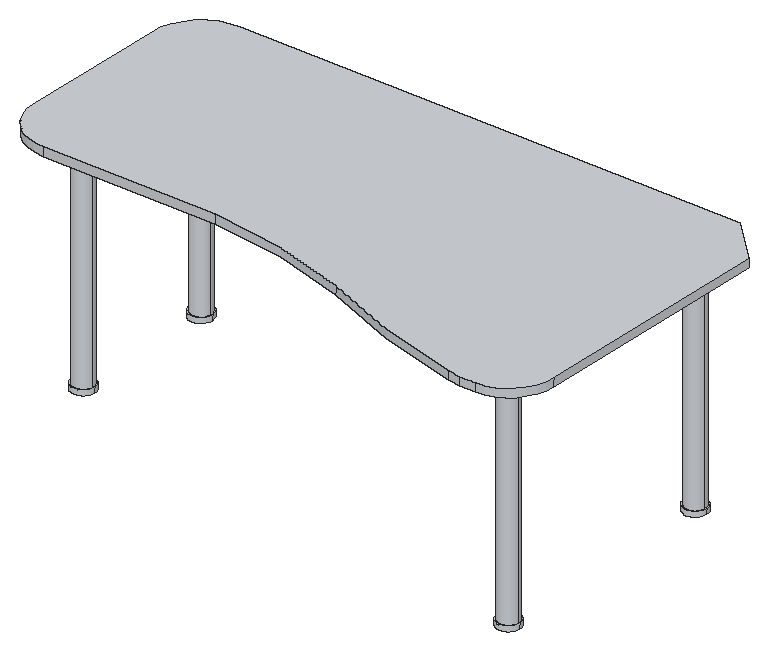
Revit family
Parameters (values of type "1800 x 1010")
  Table Material = none
  Model = "Corner table"
  Manufacturer = "Revit"
  Leg Material = none
  Description = "Desk"
  Assembly Code = ""
Reference planes
  plane 1 "Center (Front/Back)": y = 0
  plane 2: z = 0
  plane 3 "Center (Left/Right)": x = 0
  plane 4: y = -209.149
  plane 5: y = 242.952
  plane 6: y = -469.892
  plane 7: x = 733.62
  plane 8: x = -774.43
Forms (mm)
  Extrusion 1, solid, material <- "Table Material"
    sketch origin (0, 0, 0) x (1, 0, 0) y (0, 1, 0)
      loop
        arc (-774.43, 391.901) -> (-879.754, 348.275) -> (-923.38, 242.952) r 148.95
        line (-923.38, 242.952) -> (-923.38, -209.149)
        arc (-923.38, -209.149) -> (-879.754, -314.473) -> (-774.43, -358.099) r 148.95
        line (-774.43, -358.099) -> (-253.279, -358.099)
        arc (-253.279, -358.099) -> (-27.368, -386.002) -> (191.243, -449.433) r 1428.583
        arc (191.243, -449.433) -> (420.096, -540.376) -> (657.97, -604.095) r 2114.459
        arc (657.97, -604.095) -> (677.481, -607.095) -> (697.196, -608.099) r 194.135
        line (697.196, -608.099) -> (743.206, -608.099)
        arc (743.206, -608.099) -> (837.544, -569.023) -> (876.62, -474.685) r 133.414
        line (876.62, -474.685) -> (876.62, 266.047) -> (750.766, 391.901) -> (-774.43, 391.901)
    from 700 to 725
Lines and regions (mm)
  symbolic lines
    curve 1: line (-774.43, -358.099, 0) -> (-253.279, -358.099, 0)
    curve 2: arc (-253.279, -358.099, 0) -> (-27.368, -386.002, 0) -> (191.243, -449.433, 0) r 1428.583
    curve 3: arc (191.243, -449.433, 0) -> (420.096, -540.376, 0) -> (657.97, -604.095, 0) r 2114.459
    curve 4: arc (657.97, -604.095, 0) -> (677.481, -607.095, 0) -> (697.196, -608.099, 0) r 194.135
    curve 5: line (697.196, -608.099, 0) -> (743.206, -608.099, 0)
    curve 6: arc (743.206, -608.099, 0) -> (837.544, -569.023, 0) -> (876.62, -474.685, 0) r 133.414
    curve 7: line (876.62, -474.685, 0) -> (876.62, 266.047, 0)
    curve 8: line (876.62, 266.047, 0) -> (750.766, 391.901, 0)
    curve 9: line (750.766, 391.901, 0) -> (-774.43, 391.901, 0)
    curve 10: arc (-774.43, 391.901, 0) -> (-879.754, 348.275, 0) -> (-923.38, 242.952, 0) r 148.95
    curve 11: line (-923.38, 242.952, 0) -> (-923.38, -209.149, 0)
    curve 12: arc (-923.38, -209.149, 0) -> (-879.754, -314.473, 0) -> (-774.43, -358.099, 0) r 148.95
Dimensions and locks
  aligned and locked: Extrusion 1 to nested 1
Nested families
  nested 1: "Leg" at (-774.43, -206.541, 0), type "Height 700mm"
  nested 2: "Leg" at (733.62, -469.892, 0) x (-1, 0, 0) z (0, 0, 1), type "Height 700mm"
  nested 3: "Leg" at (733.62, 242.952, 0) x (-1, 0, 0) z (0, 0, 1), type "Height 700mm"
  nested 4: "Leg" at (-774.43, 242.952, 0) x (-1, 0, 0) z (0, 0, 1), type "Height 700mm"
Definition of nested family "Leg"
  Parameters (values of type "Height 700mm")
    Model = "Abacus"
    Manufacturer = "LM"
    Leg Material = none
    Description = "Table Leg"
    Assembly Code = "E2020200"
  Reference planes
    plane 1 "Center (Front/Back)": y = 0
    plane 2: z = 0
    plane 3 "Center (Left/Right)": x = 0
  Forms (mm)
    Revolve 1, solid, material <- "Leg Material"
      sketch origin (0, 0, 0) x (1, 0, 0) y (0, 0, 1)
        loop
          line (0, 15) -> (0, 700) -> (-43, 700) -> (-33, 650) -> (-30, 650) -> (-30, 15) -> (0, 15)
        axis (0, 15) -> (0, 700)
      angle from 0 to 360
    Extrusion 2, solid, material <- "Leg Material"
      sketch origin (0, 0, 0) x (1, 0, 0) y (0, 1, 0)
        loop
          circle (0, 0) r 35
      from 0 to 15
  Dimensions and locks
    aligned and locked: plane 3 "Center (Left/Right)" to Revolve 1 sketch curve
    aligned and locked: Revolve 1 to Extrusion 2
